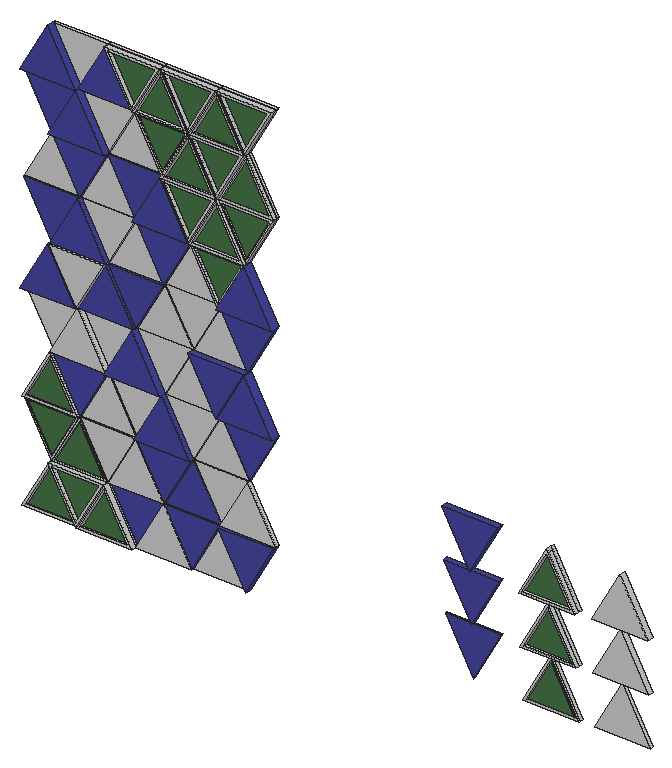
Revit family "SUR-STK-050_GEOLEAF_RFA", category Modelos genéricos, Revit 2022
Family settings
  Puede alojar armadura = No
  Cota de conector redondo = Diámetro de uso
  Tipo de pieza = Normal
  Se basa en plano de trabajo = No
  Siempre vertical = Sí
  Corte con vacíos al cargar = No
  Mantener orientación de anotación = No
  Compartido = No
  Punto de cálculo de habitación = No
Parameters
  Elevación por defecto = 0.00"
Reference planes (in)
  plane 1 "Centro (Frontal/Posterior)": y = 0
  plane 2: z = 0
  plane 3 "Centro (Izquierda/Derecha)": x = 0
Forms (in)
  Extrusion 1, solid, not visible
    sketch origin (0, 0, 0) x (1, 0, 0) y (0, 0, 1)
      loop
        line (11.31371, 8.48528) -> (16.97056, 2.82843) -> (22.62742, 8.48528) -> (16.97056, 14.14214) -> (11.31371, 8.48528)
      loop
        line (8.48528, 8.48528) -> (16.97056, 0) -> (25.45584, 8.48528) -> (16.97056, 16.97056) -> (8.48528, 8.48528)
    from 0.47244 to 0.94488
  Extrusion 2, solid, not visible
    sketch origin (0, -0.5315, 0) x (1, 0, 0) y (0, 0, 1)
      loop
        line (11.31371, 8.48528) -> (16.97056, 2.82843) -> (22.62742, 8.48528) -> (16.97056, 14.14214) -> (11.31371, 8.48528)
      loop
        line (8.48528, 8.48528) -> (16.97056, 0) -> (25.45584, 8.48528) -> (16.97056, 16.97056) -> (8.48528, 8.48528)
    from 0.41339 to 0.5315
  Extrusion 3, solid, not visible
    sketch origin (0, 0.47244, 0) x (1, 0, 0) y (0, 0, 1)
      loop
        line (8.48528, 8.48528) -> (16.97056, 0) -> (25.45584, 8.48528) -> (16.97056, 16.97056) -> (8.48528, 8.48528)
    from 0.47244 to 0.94488
  Extrusion 4, solid
    sketch origin (-10.96433, -0.5315, -6.4814) x (1, 0, 0) y (0, 0, 1)
      loop
        line (22.15099, 6.95344) -> (16.96433, 16.03009) -> (11.77767, 6.95344) -> (22.15099, 6.95344)
      loop
        line (10.96431, 6.4814) -> (22.96437, 6.4814) -> (16.96434, 16.98145) -> (10.96431, 6.4814)
    from 0.17717 to 0.8845
  Extrusion 5, solid
    sketch origin (-2.47905, 0, -14.96668) x (1, 0, 0) y (0, 0, 1)
      loop
        line (13.66571, 15.43872) -> (8.47905, 24.51537) -> (3.29239, 15.43872) -> (13.66571, 15.43872)
    from 0.70866 to 0.944
  Extrusion 6, solid
    sketch origin (-10.96433, -0.5315, -6.4814) x (1, 0, 0) y (0, 0, 1)
      loop
        line (10.96431, 6.4814) -> (22.96437, 6.4814) -> (16.96434, 16.98145) -> (10.96431, 6.4814)
    from -0.5315 to 0.17717
  Extrusion 7, solid, not visible
    sketch origin (-10.96433, -0.5315, -6.4814) x (1, 0, 0) y (0, 0, 1)
      loop
        line (22.15099, 6.95344) -> (16.96433, 16.03009) -> (11.77767, 6.95344) -> (22.15099, 6.95344)
      loop
        line (10.96431, 6.4814) -> (22.96437, 6.4814) -> (16.96434, 16.98145) -> (10.96431, 6.4814)
    from 0.17717 to 0.8845
  Extrusion 8, solid, not visible
    sketch origin (-2.47905, 0, -14.96668) x (1, 0, 0) y (0, 0, 1)
      loop
        line (13.66571, 15.43872) -> (8.47905, 24.51537) -> (3.29239, 15.43872) -> (13.66571, 15.43872)
    from 0.70866 to 0.944
  Extrusion 9, solid, not visible
    sketch origin (-10.96433, -0.5315, -6.4814) x (1, 0, 0) y (0, 0, 1)
      loop
        line (10.96431, 6.4814) -> (22.96437, 6.4814) -> (16.96434, 16.98145) -> (10.96431, 6.4814)
    from -0.5315 to 0.17717
  Extrusion 10, solid
    sketch origin (1.03572, -0.5315, -6.4814) x (1, 0, 0) y (0, 0, 1)
      loop
        line (22.15099, 6.95344) -> (16.96433, 16.03009) -> (11.77767, 6.95344) -> (22.15099, 6.95344)
      loop
        line (10.96431, 6.4814) -> (22.96437, 6.4814) -> (16.96434, 16.98145) -> (10.96431, 6.4814)
    from 0.17717 to 1.3565
  Extrusion 11, solid
    sketch origin (9.521, 0, -14.96668) x (1, 0, 0) y (0, 0, 1)
      loop
        line (13.66571, 15.43872) -> (8.47905, 24.51537) -> (3.29239, 15.43872) -> (13.66571, 15.43872)
    from 0.70866 to 1.18
  Extrusion 12, solid
    sketch origin (1.03572, -0.5315, -6.4814) x (1, 0, 0) y (0, 0, 1)
      loop
        line (10.96431, 6.4814) -> (22.96437, 6.4814) -> (16.96434, 16.98145) -> (10.96431, 6.4814)
    from -0.5315 to 0.17717
  Extrusion 13, solid
    sketch origin (-4.96431, -0.5315, 4.01865) x (1, 0, 0) y (0, 0, 1)
      loop
        line (22.15099, 6.95344) -> (16.96433, 16.03009) -> (11.77767, 6.95344) -> (22.15099, 6.95344)
      loop
        line (10.96431, 6.4814) -> (22.96437, 6.4814) -> (16.96434, 16.98145) -> (10.96431, 6.4814)
    from 0.17717 to 0.4125
  Extrusion 14, solid
    sketch origin (3.52098, 0, -4.46663) x (1, 0, 0) y (0, 0, 1)
      loop
        line (13.66571, 15.43872) -> (8.47905, 24.51537) -> (3.29239, 15.43872) -> (13.66571, 15.43872)
    from 0.70866 to 0.944
  Extrusion 15, solid
    sketch origin (-4.96431, -0.5315, 4.01865) x (1, 0, 0) y (0, 0, 1)
      loop
        line (10.96431, 6.4814) -> (22.96437, 6.4814) -> (16.96434, 16.98145) -> (10.96431, 6.4814)
    from -0.5315 to 0.17717
  Extrusion 16, solid
    sketch origin (22.96437, -0.5315, 27.4814) x (-1, 0, 0) y (0, 0, -1)
      loop
        line (22.15099, 6.95344) -> (16.96433, 16.03009) -> (11.77767, 6.95344) -> (22.15099, 6.95344)
      loop
        line (10.96431, 6.4814) -> (22.96437, 6.4814) -> (16.96434, 16.98145) -> (10.96431, 6.4814)
    from 0.17717 to 0.4125
  Extrusion 17, solid
    sketch origin (14.47909, 0, 35.96669) x (-1, 0, 0) y (0, 0, -1)
      loop
        line (13.66571, 15.43872) -> (8.47905, 24.51537) -> (3.29239, 15.43872) -> (13.66571, 15.43872)
    from 0.70866 to 0.944
  Extrusion 18, solid
    sketch origin (22.96437, -0.5315, 27.4814) x (-1, 0, 0) y (0, 0, -1)
      loop
        line (10.96431, 6.4814) -> (22.96437, 6.4814) -> (16.96434, 16.98145) -> (10.96431, 6.4814)
    from -0.5315 to 0.17717
  Extrusion 19, solid
    sketch origin (40.96443, -0.5315, 16.98145) x (-1, 0, 0) y (0, 0, -1)
      loop
        line (10.96431, 6.4814) -> (22.96437, 6.4814) -> (16.96434, 16.98145) -> (10.96431, 6.4814)
    from -0.5315 to -0.1845
  Extrusion 20, solid, not visible
    sketch origin (40.96438, -0.5315, 16.98145) x (-1, 0, 0) y (0, 0, -1)
      loop
        line (10.96431, 6.4814) -> (22.96437, 6.4814) -> (16.96434, 16.98145) -> (10.96431, 6.4814)
    from -0.5315 to -0.1845
  Extrusion 21, solid
    sketch origin (13.03581, -0.5315, -6.48138) x (1, 0, 0.000001) y (-0.000001, 0, 1)
      loop
        line (10.96431, 6.4814) -> (22.96437, 6.4814) -> (16.96434, 16.98145) -> (10.96431, 6.4814)
    from -0.5315 to 0.4125
  Extrusion 22, solid, not visible
    sketch origin (1.03572, -0.5315, -6.4814) x (1, 0, 0) y (0, 0, 1)
      loop
        line (22.15099, 6.95344) -> (16.96433, 16.03009) -> (11.77767, 6.95344) -> (22.15099, 6.95344)
      loop
        line (10.96431, 6.4814) -> (22.96437, 6.4814) -> (16.96434, 16.98145) -> (10.96431, 6.4814)
    from 0.17717 to 1.3565
  Extrusion 23, solid, not visible
    sketch origin (9.521, 0, -14.96668) x (1, 0, 0) y (0, 0, 1)
      loop
        line (13.66571, 15.43872) -> (8.47905, 24.51537) -> (3.29239, 15.43872) -> (13.66571, 15.43872)
    from 0.70866 to 1.18
  Extrusion 24, solid, not visible
    sketch origin (1.03572, -0.5315, -6.4814) x (1, 0, 0) y (0, 0, 1)
      loop
        line (10.96431, 6.4814) -> (22.96437, 6.4814) -> (16.96434, 16.98145) -> (10.96431, 6.4814)
    from -0.5315 to 0.17717
  Extrusion 25, solid
    sketch origin (28.96438, -0.5315, 16.98145) x (-1, 0, 0) y (0, 0, -1)
      loop
        line (22.15099, 6.95344) -> (16.96433, 16.03009) -> (11.77767, 6.95344) -> (22.15099, 6.95344)
      loop
        line (10.96431, 6.4814) -> (22.96437, 6.4814) -> (16.96434, 16.98145) -> (10.96431, 6.4814)
    from 0.17717 to 1.3565
  Extrusion 26, solid
    sketch origin (20.4791, 0, 25.46673) x (-1, 0, 0) y (0, 0, -1)
      loop
        line (13.66571, 15.43872) -> (8.47905, 24.51537) -> (3.29239, 15.43872) -> (13.66571, 15.43872)
    from 0.70866 to 1.18
  Extrusion 27, solid
    sketch origin (28.96438, -0.5315, 16.98145) x (-1, 0, 0) y (0, 0, -1)
      loop
        line (10.96431, 6.4814) -> (22.96437, 6.4814) -> (16.96434, 16.98145) -> (10.96431, 6.4814)
    from -0.5315 to 0.17717
  Extrusion 28, solid
    sketch origin (-10.96431, -0.5315, 14.5186) x (1, 0, 0) y (0, 0, 1)
      loop
        line (22.15099, 6.95344) -> (16.96433, 16.03009) -> (11.77767, 6.95344) -> (22.15099, 6.95344)
      loop
        line (10.96431, 6.4814) -> (22.96437, 6.4814) -> (16.96434, 16.98145) -> (10.96431, 6.4814)
    from 0.17717 to 0.8845
  Extrusion 29, solid
    sketch origin (-2.47903, 0, 6.03332) x (1, 0, 0) y (0, 0, 1)
      loop
        line (13.66571, 15.43872) -> (8.47905, 24.51537) -> (3.29239, 15.43872) -> (13.66571, 15.43872)
    from 0.70866 to 0.944
  Extrusion 30, solid
    sketch origin (-10.96431, -0.5315, 14.5186) x (1, 0, 0) y (0, 0, 1)
      loop
        line (10.96431, 6.4814) -> (22.96437, 6.4814) -> (16.96434, 16.98145) -> (10.96431, 6.4814)
    from -0.5315 to 0.17717
  Extrusion 31, solid, not visible
    sketch origin (13.03573, -0.5315, -6.48141) x (1, 0, 0.000001) y (-0.000001, 0, 1)
      loop
        line (10.96431, 6.4814) -> (22.96437, 6.4814) -> (16.96434, 16.98145) -> (10.96431, 6.4814)
    from -0.5315 to 0.4125
  Extrusion 32, solid
    sketch origin (7.03569, -0.5315, 4.01863) x (1, 0, 0.000001) y (-0.000001, 0, 1)
      loop
        line (10.96431, 6.4814) -> (22.96437, 6.4814) -> (16.96434, 16.98145) -> (10.96431, 6.4814)
    from -0.5315 to 0.4125
  Extrusion 33, solid
    sketch origin (18.23398, -0.5315, -2.15424) x (0.496137, 0, 0.868244) y (-0.868244, 0, 0.496137)
      loop
        line (10.87099, 6.4814) -> (22.96437, 6.4814) -> (17.01072, 16.90028) -> (10.87099, 6.4814)
    from -0.5315 to 0.4125
  Extrusion 34, solid
    sketch origin (18.23386, -0.5315, 44.15442) x (0.496141, 0, -0.868242) y (0.868242, 0, 0.496141)
      loop
        line (10.87099, -6.4814) -> (17.01072, -16.90028) -> (22.96437, -6.4814) -> (10.87099, -6.4814)
    from -0.5315 to -0.0595
  Extrusion 35, solid
    sketch origin (28.96559, -0.5315, 37.97933) x (-1, 0, 0) y (0, 0, -1)
      loop
        line (10.96431, 6.4814) -> (22.96437, 6.4814) -> (16.96434, 16.98145) -> (10.96431, 6.4814)
    from -0.5315 to 0.4125
  Extrusion 36, solid, not visible
    sketch origin (28.96559, -0.5315, 37.97933) x (-1, 0, 0) y (0, 0, -1)
      loop
        line (10.96431, 6.4814) -> (22.96437, 6.4814) -> (16.96434, 16.98145) -> (10.96431, 6.4814)
    from -0.5315 to 0.4125
  Extrusion 37, solid
    sketch origin (12.23384, -0.5315, 54.6544) x (0.496141, 0, -0.868242) y (0.868242, 0, 0.496141)
      loop
        line (10.87099, -6.4814) -> (17.01072, -16.90028) -> (22.96437, -6.4814) -> (10.87099, -6.4814)
    from -0.5315 to 0.8845
  Extrusion 38, solid
    sketch origin (6.234, -0.5315, 18.84567) x (0.496137, 0, 0.868244) y (-0.868244, 0, 0.496137)
      loop
        line (10.87099, 6.4814) -> (22.96437, 6.4814) -> (17.01072, 16.90028) -> (10.87099, 6.4814)
    from -0.5315 to -0.2955
  Extrusion 39, solid
    sketch origin (-10.18724, -0.5315, 36.87827) x (1, 0, 0) y (0, 0, 1)
      loop
        line (10.18733, 5.12168) -> (22.1872, 5.12168) -> (16.18726, 15.62156) -> (10.18733, 5.12168)
    from -0.5315 to 1.3565
  Extrusion 40, solid
    sketch origin (12.23395, -0.5315, 29.34552) x (0.496137, 0, 0.868244) y (-0.868244, 0, 0.496137)
      loop
        line (10.87099, 6.4814) -> (22.96437, 6.4814) -> (17.01072, 16.90028) -> (10.87099, 6.4814)
    from -0.5315 to 1.3565
  Extrusion 41, solid
    sketch origin (18.23394, -0.5315, 18.84573) x (0.496137, 0, 0.868244) y (-0.868244, 0, 0.496137)
      loop
        line (10.87099, 6.4814) -> (22.96437, 6.4814) -> (17.01072, 16.90028) -> (10.87099, 6.4814)
    from -0.5315 to -0.2955
  Extrusion 42, solid
    sketch origin (1.81276, -0.5315, 36.87827) x (1, 0, 0) y (0, 0, 1)
      loop
        line (10.18733, 5.12168) -> (22.1872, 5.12168) -> (16.18726, 15.62156) -> (10.18733, 5.12168)
    from -0.5315 to 0.8845
  Extrusion 43, solid
    sketch origin (-4.18727, -0.5315, 47.37817) x (1, 0, 0) y (0, 0, 1)
      loop
        line (10.18733, 5.12168) -> (22.1872, 5.12168) -> (16.18726, 15.62156) -> (10.18733, 5.12168)
    from -0.5315 to 0.8845
  Extrusion 44, solid
    sketch origin (40.96429, -0.5315, 58.9814) x (-1, 0, 0) y (0, 0, -1)
      loop
        line (10.96437, 6.4815) -> (22.96431, 6.4815) -> (16.96434, 16.98145) -> (10.96437, 6.4815)
    from -0.5315 to 0.4125
  Extrusion 45, solid
    sketch origin (7.8127, -0.5315, 26.37852) x (1, 0, 0) y (0, 0, 1)
      loop
        line (10.18733, 5.12168) -> (22.1872, 5.12168) -> (16.18726, 15.62156) -> (10.18733, 5.12168)
    from -0.5315 to 1.3565
  Extrusion 46, solid
    sketch origin (30.2335, -0.5315, 8.34573) x (0.496157, 0, 0.868233) y (-0.868233, 0, 0.496157)
      loop
        line (7.89406, 11.69097) -> (19.98747, 11.69097) -> (14.03381, 22.10988) -> (7.89406, 11.69097)
    from -0.5315 to -0.0595
  Extrusion 47, solid
    sketch origin (52.96452, -0.5315, 16.98145) x (-1, 0, 0) y (0, 0, -1)
      loop
        line (10.9643, 6.48137) -> (22.96439, 6.48137) -> (16.96434, 16.98145) -> (10.9643, 6.48137)
    from -0.5315 to 0.4125
  Extrusion 48, solid
    sketch origin (19.81289, -0.5315, 5.37817) x (1, 0, 0) y (0, 0, 1)
      loop
        line (10.18708, 5.12168) -> (22.1872, 5.12168) -> (16.18714, 15.62179) -> (10.18708, 5.12168)
    from -0.5315 to -0.0595
  Extrusion 49, solid
    sketch origin (46.96447, -0.5315, 27.48154) x (-1, 0, 0) y (0, 0, -1)
      loop
        line (10.96431, 6.4814) -> (22.96475, 6.4814) -> (16.96453, 16.98178) -> (10.96431, 6.4814)
    from -0.5315 to 0.4125
  Extrusion 50, solid
    sketch origin (13.81283, -0.5315, 15.87884) x (1, 0, 0) y (0, 0, 1)
      loop
        line (10.18708, 5.12168) -> (22.18688, 5.12168) -> (16.18698, 15.62151) -> (10.18708, 5.12168)
    from -0.5315 to 0.8845
  Extrusion 51, solid
    sketch origin (30.23394, -0.5315, 18.84573) x (0.496137, 0, 0.868244) y (-0.868244, 0, 0.496137)
      loop
        line (10.87099, 6.4814) -> (22.96437, 6.4814) -> (17.01072, 16.90028) -> (10.87099, 6.4814)
    from -0.5315 to -0.0595
  Extrusion 52, solid
    sketch origin (36.23392, -0.5315, 8.34575) x (0.496137, 0, 0.868244) y (-0.868244, 0, 0.496137)
      loop
        line (10.87091, 6.48127) -> (22.9645, 6.48127) -> (17.01075, 16.90033) -> (10.87091, 6.48127)
    from -0.5315 to -0.0595
  Extrusion 53, solid
    sketch origin (42.24749, -0.5315, -2.178) x (0.496137, 0, 0.868244) y (-0.868244, 0, 0.496137)
      loop
        line (10.88475, 6.50475) -> (22.9789, 6.50475) -> (17.02488, 16.9243) -> (10.88475, 6.50475)
    from -0.5315 to -0.0595
  Extrusion 54, solid
    sketch origin (30.23257, -0.5315, 65.15642) x (0.496141, 0, -0.868242) y (0.868242, 0, 0.496141)
      loop
        line (10.87099, -6.4814) -> (17.01072, -16.90028) -> (22.96437, -6.4814) -> (10.87099, -6.4814)
    from -0.5315 to -0.0595
  Extrusion 55, solid
    sketch origin (36.18623, -0.5315, 54.73751) x (0.496141, 0, -0.868242) y (0.868242, 0, 0.496141)
      loop
        line (10.9665, -6.4814) -> (17.1063, -16.9004) -> (23.06001, -6.4814) -> (10.9665, -6.4814)
    from -0.5315 to -0.0595
  Extrusion 56, solid
    sketch origin (42.26394, -0.5315, 44.10153) x (0.496141, 0, -0.868242) y (0.868242, 0, 0.496141)
      loop
        line (10.81032, -6.4814) -> (16.94966, -16.89962) -> (22.90293, -6.4814) -> (10.81032, -6.4814)
    from -0.5315 to -0.2955
  Extrusion 57, solid
    sketch origin (24.23254, -0.5315, 75.6564) x (0.496141, 0, -0.868242) y (0.868242, 0, 0.496141)
      loop
        line (10.87099, -6.4814) -> (17.01072, -16.90028) -> (22.96437, -6.4814) -> (10.87099, -6.4814)
    from -0.5315 to -0.0595
  Extrusion 58, solid
    sketch origin (18.23033, -0.5315, 39.85253) x (0.496137, 0, 0.868244) y (-0.868244, 0, 0.496137)
      loop
        line (10.86791, 6.47698) -> (22.96135, 6.47698) -> (17.00768, 16.89591) -> (10.86791, 6.47698)
    from -0.5315 to -0.0595
  Extrusion 59, solid
    sketch origin (22.96437, -0.5315, 69.48124) x (-1, 0, 0) y (0, 0, -1)
      loop
        line (10.96306, 6.47921) -> (22.96562, 6.47921) -> (16.96434, 16.98145) -> (10.96306, 6.47921)
    from -0.5315 to 0.4125
  Extrusion 60, solid
    sketch origin (46.96298, -0.5315, 69.48357) x (-1, 0, 0) y (0, 0, -1)
      loop
        line (10.96182, 6.4815) -> (22.96431, 6.4815) -> (16.96306, 16.98368) -> (10.96182, 6.4815)
    from -0.5315 to 0.4125
  Extrusion 61, solid
    sketch origin (13.81386, -0.5315, 57.88051) x (1, 0, 0) y (0, 0, 1)
      loop
        line (10.18726, 5.12155) -> (22.18727, 5.12155) -> (16.18726, 15.62156) -> (10.18726, 5.12155)
    from -0.5315 to 1.3565
  Extrusion 62, solid
    sketch origin (18.23497, -0.5315, 86.15638) x (0.496141, 0, -0.868242) y (0.868242, 0, 0.496141)
      loop
        line (10.87099, -6.4814) -> (17.01072, -16.90028) -> (22.96437, -6.4814) -> (10.87099, -6.4814)
    from -0.5315 to -0.0595
  Extrusion 63, solid
    sketch origin (40.96295, -0.5315, 79.98355) x (-1, 0, 0) y (0, 0, -1)
      loop
        line (10.96182, 6.4815) -> (22.96431, 6.4815) -> (16.96306, 16.98368) -> (10.96182, 6.4815)
    from -0.5315 to 0.4125
  Extrusion 64, solid
    sketch origin (6.23504, -0.5315, 86.15638) x (0.496141, 0, -0.868242) y (0.868242, 0, 0.496141)
      loop
        line (10.87099, -6.4814) -> (17.01072, -16.90028) -> (22.96437, -6.4814) -> (10.87099, -6.4814)
    from -0.5315 to -0.0595
  Extrusion 65, solid
    sketch origin (28.96301, -0.5315, 79.98355) x (-1, 0, 0) y (0, 0, -1)
      loop
        line (10.96182, 6.4815) -> (22.96431, 6.4815) -> (16.96306, 16.98368) -> (10.96182, 6.4815)
    from -0.5315 to 0.4125
  Extrusion 66, solid
    sketch origin (-4.1861, -0.5315, 68.38049) x (1, 0, 0) y (0, 0, 1)
      loop
        line (10.18726, 5.12155) -> (22.18727, 5.12155) -> (16.18726, 15.62156) -> (10.18726, 5.12155)
    from -0.5315 to 1.3565
  Extrusion 67, solid
    sketch origin (24.235, -0.5315, 96.65639) x (0.496141, 0, -0.868242) y (0.868242, 0, 0.496141)
      loop
        line (10.87099, -6.4814) -> (17.01072, -16.90028) -> (22.96437, -6.4814) -> (10.87099, -6.4814)
    from -0.5315 to -0.0595
  Extrusion 68, solid
    sketch origin (18.23033, -0.5315, 60.85683) x (0.496137, 0, 0.868244) y (-0.868244, 0, 0.496137)
      loop
        line (10.86791, 6.47698) -> (22.96135, 6.47698) -> (17.00768, 16.89591) -> (10.86791, 6.47698)
    from -0.5315 to -0.0595
  Extrusion 69, solid
    sketch origin (22.96177, -0.5315, 90.48573) x (-1, 0, 0) y (0, 0, -1)
      loop
        line (10.96182, 6.4815) -> (22.96431, 6.4815) -> (16.96306, 16.98368) -> (10.96182, 6.4815)
    from -0.5315 to 0.4125
  Extrusion 70, solid
    sketch origin (-10.18794, -0.5315, 78.88371) x (1, 0, 0) y (0, 0, 1)
      loop
        line (10.18726, 5.12155) -> (22.18727, 5.12155) -> (16.18726, 15.62156) -> (10.18726, 5.12155)
    from -0.5315 to 1.3565
  Extrusion 71, solid
    sketch origin (12.22849, -0.5315, 71.36005) x (0.496137, 0, 0.868244) y (-0.868244, 0, 0.496137)
      loop
        line (10.86791, 6.47698) -> (22.96135, 6.47698) -> (17.00768, 16.89591) -> (10.86791, 6.47698)
    from -0.5315 to -0.0595
  Extrusion 72, solid
    sketch origin (1.81206, -0.5315, 78.88371) x (1, 0, 0) y (0, 0, 1)
      loop
        line (10.18726, 5.12155) -> (22.18727, 5.12155) -> (16.18726, 15.62156) -> (10.18726, 5.12155)
    from -0.5315 to 0.8845
  Extrusion 73, solid
    sketch origin (13.03256, -0.5315, 77.52823) x (1, 0, 0) y (0, 0, 1)
      loop
        line (22.15099, 6.95344) -> (16.96433, 16.03009) -> (11.77767, 6.95344) -> (22.15099, 6.95344)
      loop
        line (10.96431, 6.4814) -> (22.96437, 6.4814) -> (16.96434, 16.98145) -> (10.96431, 6.4814)
    from 0.17717 to 1.3565
  Extrusion 74, solid
    sketch origin (21.51784, 0, 69.04295) x (1, 0, 0) y (0, 0, 1)
      loop
        line (13.66571, 15.43872) -> (8.47905, 24.51537) -> (3.29239, 15.43872) -> (13.66571, 15.43872)
    from 0.70866 to 1.18
  Extrusion 75, solid
    sketch origin (13.03256, -0.5315, 77.52823) x (1, 0, 0) y (0, 0, 1)
      loop
        line (10.96431, 6.4814) -> (22.96437, 6.4814) -> (16.96434, 16.98145) -> (10.96431, 6.4814)
    from -0.5315 to 0.17717
  Extrusion 76, solid
    sketch origin (40.96121, -0.5315, 100.99108) x (-1, 0, 0) y (0, 0, -1)
      loop
        line (22.15099, 6.95344) -> (16.96433, 16.03009) -> (11.77767, 6.95344) -> (22.15099, 6.95344)
      loop
        line (10.96431, 6.4814) -> (22.96437, 6.4814) -> (16.96434, 16.98145) -> (10.96431, 6.4814)
    from 0.17717 to 1.3565
  Extrusion 77, solid
    sketch origin (32.47593, 0, 109.47636) x (-1, 0, 0) y (0, 0, -1)
      loop
        line (13.66571, 15.43872) -> (8.47905, 24.51537) -> (3.29239, 15.43872) -> (13.66571, 15.43872)
    from 0.70866 to 1.18
  Extrusion 78, solid
    sketch origin (40.96121, -0.5315, 100.99108) x (-1, 0, 0) y (0, 0, -1)
      loop
        line (10.96431, 6.4814) -> (22.96437, 6.4814) -> (16.96434, 16.98145) -> (10.96431, 6.4814)
    from -0.5315 to 0.17717
  Extrusion 79, solid
    sketch origin (25.03256, -0.5315, 77.52823) x (1, 0, 0) y (0, 0, 1)
      loop
        line (22.15099, 6.95344) -> (16.96433, 16.03009) -> (11.77767, 6.95344) -> (22.15099, 6.95344)
      loop
        line (10.96431, 6.4814) -> (22.96437, 6.4814) -> (16.96434, 16.98145) -> (10.96431, 6.4814)
    from 0.17717 to 1.3565
  Extrusion 80, solid
    sketch origin (33.51784, 0, 69.04295) x (1, 0, 0) y (0, 0, 1)
      loop
        line (13.66571, 15.43872) -> (8.47905, 24.51537) -> (3.29239, 15.43872) -> (13.66571, 15.43872)
    from 0.70866 to 1.18
  Extrusion 81, solid
    sketch origin (25.03256, -0.5315, 77.52823) x (1, 0, 0) y (0, 0, 1)
      loop
        line (10.96431, 6.4814) -> (22.96437, 6.4814) -> (16.96434, 16.98145) -> (10.96431, 6.4814)
    from -0.5315 to 0.17717
  Extrusion 82, solid
    sketch origin (52.96121, -0.5315, 100.99108) x (-1, 0, 0) y (0, 0, -1)
      loop
        line (22.15099, 6.95344) -> (16.96433, 16.03009) -> (11.77767, 6.95344) -> (22.15099, 6.95344)
      loop
        line (10.96431, 6.4814) -> (22.96437, 6.4814) -> (16.96434, 16.98145) -> (10.96431, 6.4814)
    from 0.17717 to 1.3565
  Extrusion 83, solid
    sketch origin (44.47593, 0, 109.47636) x (-1, 0, 0) y (0, 0, -1)
      loop
        line (13.66571, 15.43872) -> (8.47905, 24.51537) -> (3.29239, 15.43872) -> (13.66571, 15.43872)
    from 0.70866 to 1.18
  Extrusion 84, solid
    sketch origin (52.96121, -0.5315, 100.99108) x (-1, 0, 0) y (0, 0, -1)
      loop
        line (10.96431, 6.4814) -> (22.96437, 6.4814) -> (16.96434, 16.98145) -> (10.96431, 6.4814)
    from -0.5315 to 0.17717
  Extrusion 85, solid
    sketch origin (19.03252, -0.5315, 67.02817) x (1, 0, 0) y (0, 0, 1)
      loop
        line (22.15099, 6.95344) -> (16.96433, 16.03009) -> (11.77767, 6.95344) -> (22.15099, 6.95344)
      loop
        line (10.96431, 6.4814) -> (22.96437, 6.4814) -> (16.96434, 16.98145) -> (10.96431, 6.4814)
    from 0.17717 to 1.3565
  Extrusion 86, solid
    sketch origin (27.5178, 0, 58.54288) x (1, 0, 0) y (0, 0, 1)
      loop
        line (13.66571, 15.43872) -> (8.47905, 24.51537) -> (3.29239, 15.43872) -> (13.66571, 15.43872)
    from 0.70866 to 1.18
  Extrusion 87, solid
    sketch origin (19.03252, -0.5315, 67.02817) x (1, 0, 0) y (0, 0, 1)
      loop
        line (10.96431, 6.4814) -> (22.96437, 6.4814) -> (16.96434, 16.98145) -> (10.96431, 6.4814)
    from -0.5315 to 0.17717
  Extrusion 88, solid
    sketch origin (46.96118, -0.5315, 90.49102) x (-1, 0, 0) y (0, 0, -1)
      loop
        line (22.15099, 6.95344) -> (16.96433, 16.03009) -> (11.77767, 6.95344) -> (22.15099, 6.95344)
      loop
        line (10.96431, 6.4814) -> (22.96437, 6.4814) -> (16.96434, 16.98145) -> (10.96431, 6.4814)
    from 0.17717 to 0.8845
  Extrusion 89, solid
    sketch origin (38.47589, 0, 98.9763) x (-1, 0, 0) y (0, 0, -1)
      loop
        line (13.66571, 15.43872) -> (8.47905, 24.51537) -> (3.29239, 15.43872) -> (13.66571, 15.43872)
    from 0.70866 to 1.18
  Extrusion 90, solid
    sketch origin (46.96118, -0.5315, 90.49102) x (-1, 0, 0) y (0, 0, -1)
      loop
        line (10.96431, 6.4814) -> (22.96437, 6.4814) -> (16.96434, 16.98145) -> (10.96431, 6.4814)
    from -0.5315 to 0.17717
  Extrusion 91, solid
    sketch origin (31.03252, -0.5315, 67.02817) x (1, 0, 0) y (0, 0, 1)
      loop
        line (22.15099, 6.95344) -> (16.96433, 16.03009) -> (11.77767, 6.95344) -> (22.15099, 6.95344)
      loop
        line (10.96431, 6.4814) -> (22.96437, 6.4814) -> (16.96434, 16.98145) -> (10.96431, 6.4814)
    from 0.17717 to 0.8845
  Extrusion 92, solid
    sketch origin (39.5178, 0, 58.54288) x (1, 0, 0) y (0, 0, 1)
      loop
        line (13.66571, 15.43872) -> (8.47905, 24.51537) -> (3.29239, 15.43872) -> (13.66571, 15.43872)
    from 0.70866 to 1.18
  Extrusion 93, solid
    sketch origin (31.03252, -0.5315, 67.02817) x (1, 0, 0) y (0, 0, 1)
      loop
        line (10.96431, 6.4814) -> (22.96437, 6.4814) -> (16.96434, 16.98145) -> (10.96431, 6.4814)
    from -0.5315 to 0.17717
  Extrusion 94, solid
    sketch origin (58.96118, -0.5315, 90.49102) x (-1, 0, 0) y (0, 0, -1)
      loop
        line (22.15099, 6.95344) -> (16.96433, 16.03009) -> (11.77767, 6.95344) -> (22.15099, 6.95344)
      loop
        line (10.96431, 6.4814) -> (22.96437, 6.4814) -> (16.96434, 16.98145) -> (10.96431, 6.4814)
    from 0.17717 to 1.3565
  Extrusion 95, solid
    sketch origin (50.47589, 0, 98.9763) x (-1, 0, 0) y (0, 0, -1)
      loop
        line (13.66571, 15.43872) -> (8.47905, 24.51537) -> (3.29239, 15.43872) -> (13.66571, 15.43872)
    from 0.70866 to 1.18
  Extrusion 96, solid
    sketch origin (58.96118, -0.5315, 90.49102) x (-1, 0, 0) y (0, 0, -1)
      loop
        line (10.96431, 6.4814) -> (22.96437, 6.4814) -> (16.96434, 16.98145) -> (10.96431, 6.4814)
    from -0.5315 to 0.17717
  Extrusion 97, solid
    sketch origin (25.03255, -0.5315, 56.52812) x (1, 0, 0) y (0, 0, 1)
      loop
        line (22.15099, 6.95344) -> (16.96433, 16.03009) -> (11.77767, 6.95344) -> (22.15099, 6.95344)
      loop
        line (10.96431, 6.4814) -> (22.96437, 6.4814) -> (16.96434, 16.98145) -> (10.96431, 6.4814)
    from 0.17717 to 1.3565
  Extrusion 98, solid
    sketch origin (33.51783, 0, 48.04283) x (1, 0, 0) y (0, 0, 1)
      loop
        line (13.66571, 15.43872) -> (8.47905, 24.51537) -> (3.29239, 15.43872) -> (13.66571, 15.43872)
    from 0.70866 to 1.18
  Extrusion 99, solid
    sketch origin (25.03255, -0.5315, 56.52812) x (1, 0, 0) y (0, 0, 1)
      loop
        line (10.96431, 6.4814) -> (22.96437, 6.4814) -> (16.96434, 16.98145) -> (10.96431, 6.4814)
    from -0.5315 to 0.17717
  Extrusion 100, solid
    sketch origin (52.9612, -0.5315, 79.99097) x (-1, 0, 0) y (0, 0, -1)
      loop
        line (22.15099, 6.95344) -> (16.96433, 16.03009) -> (11.77767, 6.95344) -> (22.15099, 6.95344)
      loop
        line (10.96431, 6.4814) -> (22.96437, 6.4814) -> (16.96434, 16.98145) -> (10.96431, 6.4814)
    from 0.17717 to 1.3565
  Extrusion 101, solid
    sketch origin (44.47592, 0, 88.47625) x (-1, 0, 0) y (0, 0, -1)
      loop
        line (13.66571, 15.43872) -> (8.47905, 24.51537) -> (3.29239, 15.43872) -> (13.66571, 15.43872)
    from 0.70866 to 1.18
  Extrusion 102, solid
    sketch origin (52.9612, -0.5315, 79.99097) x (-1, 0, 0) y (0, 0, -1)
      loop
        line (10.96431, 6.4814) -> (22.96437, 6.4814) -> (16.96434, 16.98145) -> (10.96431, 6.4814)
    from -0.5315 to 0.17717
  Extrusion 103, solid
    sketch origin (64.9612, -0.5315, 79.99097) x (-1, 0, 0) y (0, 0, -1)
      loop
        line (22.15099, 6.95344) -> (16.96433, 16.03009) -> (11.77767, 6.95344) -> (22.15099, 6.95344)
      loop
        line (10.96431, 6.4814) -> (22.96437, 6.4814) -> (16.96434, 16.98145) -> (10.96431, 6.4814)
    from 0.17717 to 0.8845
  Extrusion 104, solid
    sketch origin (56.47592, 0, 88.47625) x (-1, 0, 0) y (0, 0, -1)
      loop
        line (13.66571, 15.43872) -> (8.47905, 24.51537) -> (3.29239, 15.43872) -> (13.66571, 15.43872)
    from 0.70866 to 1.18
  Extrusion 105, solid
    sketch origin (64.9612, -0.5315, 79.99097) x (-1, 0, 0) y (0, 0, -1)
      loop
        line (10.96431, 6.4814) -> (22.96437, 6.4814) -> (16.96434, 16.98145) -> (10.96431, 6.4814)
    from -0.5315 to 0.17717
  Extrusion 106, solid
    sketch origin (58.9655, -0.5315, 69.48346) x (-1, 0, 0) y (0, 0, -1)
      loop
        line (22.15099, 6.95344) -> (16.96433, 16.03009) -> (11.77767, 6.95344) -> (22.15099, 6.95344)
      loop
        line (10.96431, 6.4814) -> (22.96437, 6.4814) -> (16.96434, 16.98145) -> (10.96431, 6.4814)
    from 0.17717 to 0.88453
  Extrusion 107, solid
    sketch origin (50.48022, 0, 77.96875) x (-1, 0, 0) y (0, 0, -1)
      loop
        line (13.66571, 15.43872) -> (8.47905, 24.51537) -> (3.29239, 15.43872) -> (13.66571, 15.43872)
    from 0.70866 to 0.944
  Extrusion 108, solid
    sketch origin (58.9655, -0.5315, 69.48346) x (-1, 0, 0) y (0, 0, -1)
      loop
        line (10.96431, 6.4814) -> (22.96437, 6.4814) -> (16.96434, 16.98145) -> (10.96431, 6.4814)
    from -0.5315 to 0.17717
  Extrusion 109, solid
    sketch origin (64.96127, -0.5315, 100.99108) x (-1, 0, 0) y (0, 0, -1)
      loop
        line (22.15099, 6.95344) -> (16.96433, 16.03009) -> (11.77767, 6.95344) -> (22.15099, 6.95344)
      loop
        line (10.96431, 6.4814) -> (22.96437, 6.4814) -> (16.96434, 16.98145) -> (10.96431, 6.4814)
    from 0.17717 to 1.3565
  Extrusion 110, solid
    sketch origin (56.47599, 0, 109.47636) x (-1, 0, 0) y (0, 0, -1)
      loop
        line (13.66571, 15.43872) -> (8.47905, 24.51537) -> (3.29239, 15.43872) -> (13.66571, 15.43872)
    from 0.70866 to 1.18
  Extrusion 111, solid
    sketch origin (64.96127, -0.5315, 100.99108) x (-1, 0, 0) y (0, 0, -1)
      loop
        line (10.96431, 6.4814) -> (22.96437, 6.4814) -> (16.96434, 16.98145) -> (10.96431, 6.4814)
    from -0.5315 to 0.17717
  Extrusion 112, solid
    sketch origin (42.23251, -0.5315, 65.15642) x (0.496141, 0, -0.868242) y (0.868242, 0, 0.496141)
      loop
        line (10.87099, -6.4814) -> (17.01072, -16.90028) -> (22.96437, -6.4814) -> (10.87099, -6.4814)
    from -0.5315 to -0.0595
  Extrusion 113, solid
    sketch origin (36.15477, -0.5315, 75.79239) x (0.496141, 0, -0.868242) y (0.868242, 0, 0.496141)
      loop
        line (11.02886, -6.47922) -> (17.16986, -16.90025) -> (23.12474, -6.47922) -> (11.02886, -6.47922)
    from -0.5315 to -0.0595
  Extrusion 114, solid
    sketch origin (36.23322, -0.5315, 29.34461) x (0.496137, 0, 0.868244) y (-0.868244, 0, 0.496137)
      loop
        line (10.87099, 6.4814) -> (22.96437, 6.4814) -> (17.01072, 16.90028) -> (10.87099, 6.4814)
    from -0.5315 to -0.0595
  Extrusion 115, solid
    sketch origin (64.9616, -0.5315, 58.98601) x (-1, 0, 0) y (0, 0, -1)
      loop
        line (10.96182, 6.4815) -> (22.96431, 6.4815) -> (16.96306, 16.98368) -> (10.96182, 6.4815)
    from -0.5315 to 0.4125
  Extrusion 116, solid
    sketch origin (31.81444, -0.5315, 47.3774) x (1, 0, 0) y (0, 0, 1)
      loop
        line (10.18726, 5.12155) -> (22.18727, 5.12155) -> (16.18726, 15.62156) -> (10.18726, 5.12155)
    from -0.5315 to 1.3565
  Extrusion 117, solid
    sketch origin (58.96047, -0.5315, 48.48361) x (-1, 0, 0) y (0, 0, -1)
      loop
        line (10.96182, 6.4815) -> (22.96431, 6.4815) -> (16.96306, 16.98368) -> (10.96182, 6.4815)
    from -0.5315 to 1.3565
  Extrusion 118, solid
    sketch origin (64.9616, -0.5315, 37.98601) x (-1, 0, 0) y (0, 0, -1)
      loop
        line (10.96182, 6.4815) -> (22.96431, 6.4815) -> (16.96306, 16.98368) -> (10.96182, 6.4815)
    from -0.5315 to -0.122
  Extrusion 119, solid
    sketch origin (31.81444, -0.5315, 26.3774) x (1, 0, 0) y (0, 0, 1)
      loop
        line (10.18726, 5.12155) -> (22.18727, 5.12155) -> (16.18726, 15.62156) -> (10.18726, 5.12155)
    from -0.5315 to 1.3565
  Extrusion 120, solid
    sketch origin (48.26432, -0.5315, 33.60086) x (0.496141, 0, -0.868242) y (0.868242, 0, 0.496141)
      loop
        line (10.81032, -6.4814) -> (16.94966, -16.89962) -> (22.90293, -6.4814) -> (10.81032, -6.4814)
    from -0.5315 to 0.4125
  Extrusion 121, solid
    sketch origin (64.96373, -0.5315, 16.98145) x (-1, 0, 0) y (0, 0, -1)
      loop
        line (10.9643, 6.48137) -> (22.96439, 6.48137) -> (16.96434, 16.98145) -> (10.9643, 6.48137)
    from -0.5315 to 0.8845
  Extrusion 122, solid
    sketch origin (42.26477, -0.5315, 23.10151) x (0.496141, 0, -0.868242) y (0.868242, 0, 0.496141)
      loop
        line (10.81032, -6.4814) -> (16.94966, -16.89962) -> (22.90293, -6.4814) -> (10.81032, -6.4814)
    from -0.5315 to -0.0595
  Extrusion 123, solid, not visible
    sketch origin (-10.96433, -0.5315, -6.4814) x (1, 0, 0) y (0, 0, 1)
      loop
        line (22.15099, 6.95344) -> (16.96433, 16.03009) -> (11.77767, 6.95344) -> (22.15099, 6.95344)
      loop
        line (10.96431, 6.4814) -> (22.96437, 6.4814) -> (16.96434, 16.98145) -> (10.96431, 6.4814)
    from 0.17717 to 0.8845
  Extrusion 124, solid, not visible
    sketch origin (-2.47905, 0, -14.96668) x (1, 0, 0) y (0, 0, 1)
      loop
        line (13.66571, 15.43872) -> (8.47905, 24.51537) -> (3.29239, 15.43872) -> (13.66571, 15.43872)
    from 0.70866 to 0.944
  Extrusion 125, solid, not visible
    sketch origin (-10.96433, -0.5315, -6.4814) x (1, 0, 0) y (0, 0, 1)
      loop
        line (10.96431, 6.4814) -> (22.96437, 6.4814) -> (16.96434, 16.98145) -> (10.96431, 6.4814)
    from -0.5315 to 0.17717
  Extrusion 126, solid, not visible
    sketch origin (1.03572, -0.5315, -6.4814) x (1, 0, 0) y (0, 0, 1)
      loop
        line (22.15099, 6.95344) -> (16.96433, 16.03009) -> (11.77767, 6.95344) -> (22.15099, 6.95344)
      loop
        line (10.96431, 6.4814) -> (22.96437, 6.4814) -> (16.96434, 16.98145) -> (10.96431, 6.4814)
    from 0.17717 to 1.3565
  Extrusion 127, solid, not visible
    sketch origin (9.521, 0, -14.96668) x (1, 0, 0) y (0, 0, 1)
      loop
        line (13.66571, 15.43872) -> (8.47905, 24.51537) -> (3.29239, 15.43872) -> (13.66571, 15.43872)
    from 0.70866 to 1.18
  Extrusion 128, solid, not visible
    sketch origin (1.03572, -0.5315, -6.4814) x (1, 0, 0) y (0, 0, 1)
      loop
        line (10.96431, 6.4814) -> (22.96437, 6.4814) -> (16.96434, 16.98145) -> (10.96431, 6.4814)
    from -0.5315 to 0.17717
  Extrusion 129, solid, not visible
    sketch origin (-4.96431, -0.5315, 4.01865) x (1, 0, 0) y (0, 0, 1)
      loop
        line (22.15099, 6.95344) -> (16.96433, 16.03009) -> (11.77767, 6.95344) -> (22.15099, 6.95344)
      loop
        line (10.96431, 6.4814) -> (22.96437, 6.4814) -> (16.96434, 16.98145) -> (10.96431, 6.4814)
    from 0.17717 to 0.4125
  Extrusion 130, solid, not visible
    sketch origin (3.52098, 0, -4.46663) x (1, 0, 0) y (0, 0, 1)
      loop
        line (13.66571, 15.43872) -> (8.47905, 24.51537) -> (3.29239, 15.43872) -> (13.66571, 15.43872)
    from 0.70866 to 0.944
  Extrusion 131, solid, not visible
    sketch origin (-4.96431, -0.5315, 4.01865) x (1, 0, 0) y (0, 0, 1)
      loop
        line (10.96431, 6.4814) -> (22.96437, 6.4814) -> (16.96434, 16.98145) -> (10.96431, 6.4814)
    from -0.5315 to 0.17717
  Extrusion 132, solid, not visible
    sketch origin (22.96437, -0.5315, 27.4814) x (-1, 0, 0) y (0, 0, -1)
      loop
        line (22.15099, 6.95344) -> (16.96433, 16.03009) -> (11.77767, 6.95344) -> (22.15099, 6.95344)
      loop
        line (10.96431, 6.4814) -> (22.96437, 6.4814) -> (16.96434, 16.98145) -> (10.96431, 6.4814)
    from 0.17717 to 0.4125
  Extrusion 133, solid, not visible
    sketch origin (14.47909, 0, 35.96669) x (-1, 0, 0) y (0, 0, -1)
      loop
        line (13.66571, 15.43872) -> (8.47905, 24.51537) -> (3.29239, 15.43872) -> (13.66571, 15.43872)
    from 0.70866 to 0.944
  Extrusion 134, solid, not visible
    sketch origin (22.96437, -0.5315, 27.4814) x (-1, 0, 0) y (0, 0, -1)
      loop
        line (10.96431, 6.4814) -> (22.96437, 6.4814) -> (16.96434, 16.98145) -> (10.96431, 6.4814)
    from -0.5315 to 0.17717
  Extrusion 135, solid, not visible
    sketch origin (40.96443, -0.5315, 16.98145) x (-1, 0, 0) y (0, 0, -1)
      loop
        line (10.96431, 6.4814) -> (22.96437, 6.4814) -> (16.96434, 16.98145) -> (10.96431, 6.4814)
    from -0.5315 to -0.1845
  Extrusion 136, solid, not visible
    sketch origin (13.03581, -0.5315, -6.48138) x (1, 0, 0.000001) y (-0.000001, 0, 1)
      loop
        line (10.96431, 6.4814) -> (22.96437, 6.4814) -> (16.96434, 16.98145) -> (10.96431, 6.4814)
    from -0.5315 to 0.4125
  Extrusion 137, solid, not visible
    sketch origin (28.96438, -0.5315, 16.98145) x (-1, 0, 0) y (0, 0, -1)
      loop
        line (22.15099, 6.95344) -> (16.96433, 16.03009) -> (11.77767, 6.95344) -> (22.15099, 6.95344)
      loop
        line (10.96431, 6.4814) -> (22.96437, 6.4814) -> (16.96434, 16.98145) -> (10.96431, 6.4814)
    from 0.17717 to 1.3565
  Extrusion 138, solid, not visible
    sketch origin (20.4791, 0, 25.46673) x (-1, 0, 0) y (0, 0, -1)
      loop
        line (13.66571, 15.43872) -> (8.47905, 24.51537) -> (3.29239, 15.43872) -> (13.66571, 15.43872)
    from 0.70866 to 1.18
  Extrusion 139, solid, not visible
    sketch origin (28.96438, -0.5315, 16.98145) x (-1, 0, 0) y (0, 0, -1)
      loop
        line (10.96431, 6.4814) -> (22.96437, 6.4814) -> (16.96434, 16.98145) -> (10.96431, 6.4814)
    from -0.5315 to 0.17717
  Extrusion 140, solid, not visible
    sketch origin (-10.96431, -0.5315, 14.5186) x (1, 0, 0) y (0, 0, 1)
      loop
        line (22.15099, 6.95344) -> (16.96433, 16.03009) -> (11.77767, 6.95344) -> (22.15099, 6.95344)
      loop
        line (10.96431, 6.4814) -> (22.96437, 6.4814) -> (16.96434, 16.98145) -> (10.96431, 6.4814)
    from 0.17717 to 0.8845
  Extrusion 141, solid, not visible
    sketch origin (-2.47903, 0, 6.03332) x (1, 0, 0) y (0, 0, 1)
      loop
        line (13.66571, 15.43872) -> (8.47905, 24.51537) -> (3.29239, 15.43872) -> (13.66571, 15.43872)
    from 0.70866 to 0.944
  Extrusion 142, solid, not visible
    sketch origin (-10.96431, -0.5315, 14.5186) x (1, 0, 0) y (0, 0, 1)
      loop
        line (10.96431, 6.4814) -> (22.96437, 6.4814) -> (16.96434, 16.98145) -> (10.96431, 6.4814)
    from -0.5315 to 0.17717
  Extrusion 143, solid, not visible
    sketch origin (7.03569, -0.5315, 4.01863) x (1, 0, 0.000001) y (-0.000001, 0, 1)
      loop
        line (10.96431, 6.4814) -> (22.96437, 6.4814) -> (16.96434, 16.98145) -> (10.96431, 6.4814)
    from -0.5315 to 0.4125
  Extrusion 144, solid, not visible
    sketch origin (18.23398, -0.5315, -2.15424) x (0.496137, 0, 0.868244) y (-0.868244, 0, 0.496137)
      loop
        line (10.87099, 6.4814) -> (22.96437, 6.4814) -> (17.01072, 16.90028) -> (10.87099, 6.4814)
    from -0.5315 to 0.4125
  Extrusion 145, solid, not visible
    sketch origin (18.23386, -0.5315, 44.15442) x (0.496141, 0, -0.868242) y (0.868242, 0, 0.496141)
      loop
        line (10.87099, -6.4814) -> (17.01072, -16.90028) -> (22.96437, -6.4814) -> (10.87099, -6.4814)
    from -0.5315 to -0.0595
  Extrusion 146, solid, not visible
    sketch origin (28.96559, -0.5315, 37.97933) x (-1, 0, 0) y (0, 0, -1)
      loop
        line (10.96431, 6.4814) -> (22.96437, 6.4814) -> (16.96434, 16.98145) -> (10.96431, 6.4814)
    from -0.5315 to 0.4125
  Extrusion 147, solid, not visible
    sketch origin (12.23384, -0.5315, 54.6544) x (0.496141, 0, -0.868242) y (0.868242, 0, 0.496141)
      loop
        line (10.87099, -6.4814) -> (17.01072, -16.90028) -> (22.96437, -6.4814) -> (10.87099, -6.4814)
    from -0.5315 to 0.8845
  Extrusion 148, solid, not visible
    sketch origin (6.234, -0.5315, 18.84567) x (0.496137, 0, 0.868244) y (-0.868244, 0, 0.496137)
      loop
        line (10.87099, 6.4814) -> (22.96437, 6.4814) -> (17.01072, 16.90028) -> (10.87099, 6.4814)
    from -0.5315 to -0.2955
  Extrusion 149, solid, not visible
    sketch origin (-10.18724, -0.5315, 36.87827) x (1, 0, 0) y (0, 0, 1)
      loop
        line (10.18733, 5.12168) -> (22.1872, 5.12168) -> (16.18726, 15.62156) -> (10.18733, 5.12168)
    from -0.5315 to 1.3565
  Extrusion 150, solid, not visible
    sketch origin (12.23395, -0.5315, 29.34552) x (0.496137, 0, 0.868244) y (-0.868244, 0, 0.496137)
      loop
        line (10.87099, 6.4814) -> (22.96437, 6.4814) -> (17.01072, 16.90028) -> (10.87099, 6.4814)
    from -0.5315 to 1.3565
  Extrusion 151, solid, not visible
    sketch origin (18.23394, -0.5315, 18.84573) x (0.496137, 0, 0.868244) y (-0.868244, 0, 0.496137)
      loop
        line (10.87099, 6.4814) -> (22.96437, 6.4814) -> (17.01072, 16.90028) -> (10.87099, 6.4814)
    from -0.5315 to -0.2955
  Extrusion 152, solid, not visible
    sketch origin (1.81276, -0.5315, 36.87827) x (1, 0, 0) y (0, 0, 1)
      loop
        line (10.18733, 5.12168) -> (22.1872, 5.12168) -> (16.18726, 15.62156) -> (10.18733, 5.12168)
    from -0.5315 to 0.8845
  Extrusion 153, solid, not visible
    sketch origin (-4.18727, -0.5315, 47.37817) x (1, 0, 0) y (0, 0, 1)
      loop
        line (10.18733, 5.12168) -> (22.1872, 5.12168) -> (16.18726, 15.62156) -> (10.18733, 5.12168)
    from -0.5315 to 0.8845
  Extrusion 154, solid, not visible
    sketch origin (40.96429, -0.5315, 58.9814) x (-1, 0, 0) y (0, 0, -1)
      loop
        line (10.96437, 6.4815) -> (22.96431, 6.4815) -> (16.96434, 16.98145) -> (10.96437, 6.4815)
    from -0.5315 to 0.4125
  Extrusion 155, solid, not visible
    sketch origin (7.8127, -0.5315, 26.37852) x (1, 0, 0) y (0, 0, 1)
      loop
        line (10.18733, 5.12168) -> (22.1872, 5.12168) -> (16.18726, 15.62156) -> (10.18733, 5.12168)
    from -0.5315 to 1.3565
  Extrusion 156, solid, not visible
    sketch origin (30.2335, -0.5315, 8.34573) x (0.496157, 0, 0.868233) y (-0.868233, 0, 0.496157)
      loop
        line (7.89406, 11.69097) -> (19.98747, 11.69097) -> (14.03381, 22.10988) -> (7.89406, 11.69097)
    from -0.5315 to -0.0595
  Extrusion 157, solid, not visible
    sketch origin (52.96452, -0.5315, 16.98145) x (-1, 0, 0) y (0, 0, -1)
      loop
        line (10.9643, 6.48137) -> (22.96439, 6.48137) -> (16.96434, 16.98145) -> (10.9643, 6.48137)
    from -0.5315 to 0.4125
  Extrusion 158, solid, not visible
    sketch origin (19.81289, -0.5315, 5.37817) x (1, 0, 0) y (0, 0, 1)
      loop
        line (10.18708, 5.12168) -> (22.1872, 5.12168) -> (16.18714, 15.62179) -> (10.18708, 5.12168)
    from -0.5315 to -0.0595
  Extrusion 159, solid, not visible
    sketch origin (46.96447, -0.5315, 27.48154) x (-1, 0, 0) y (0, 0, -1)
      loop
        line (10.96431, 6.4814) -> (22.96475, 6.4814) -> (16.96453, 16.98178) -> (10.96431, 6.4814)
    from -0.5315 to 0.4125
  Extrusion 160, solid, not visible
    sketch origin (13.81283, -0.5315, 15.87884) x (1, 0, 0) y (0, 0, 1)
      loop
        line (10.18708, 5.12168) -> (22.18688, 5.12168) -> (16.18698, 15.62151) -> (10.18708, 5.12168)
    from -0.5315 to 0.8845
  Extrusion 161, solid, not visible
    sketch origin (30.23394, -0.5315, 18.84573) x (0.496137, 0, 0.868244) y (-0.868244, 0, 0.496137)
      loop
        line (10.87099, 6.4814) -> (22.96437, 6.4814) -> (17.01072, 16.90028) -> (10.87099, 6.4814)
    from -0.5315 to -0.0595
  Extrusion 162, solid, not visible
    sketch origin (36.23392, -0.5315, 8.34575) x (0.496137, 0, 0.868244) y (-0.868244, 0, 0.496137)
      loop
        line (10.87091, 6.48127) -> (22.9645, 6.48127) -> (17.01075, 16.90033) -> (10.87091, 6.48127)
    from -0.5315 to -0.0595
  Extrusion 163, solid, not visible
    sketch origin (42.24749, -0.5315, -2.178) x (0.496137, 0, 0.868244) y (-0.868244, 0, 0.496137)
      loop
        line (10.88475, 6.50475) -> (22.9789, 6.50475) -> (17.02488, 16.9243) -> (10.88475, 6.50475)
    from -0.5315 to -0.0595
  Extrusion 164, solid, not visible
    sketch origin (30.23257, -0.5315, 65.15642) x (0.496141, 0, -0.868242) y (0.868242, 0, 0.496141)
      loop
        line (10.87099, -6.4814) -> (17.01072, -16.90028) -> (22.96437, -6.4814) -> (10.87099, -6.4814)
    from -0.5315 to -0.0595
  Extrusion 165, solid, not visible
    sketch origin (36.18623, -0.5315, 54.73751) x (0.496141, 0, -0.868242) y (0.868242, 0, 0.496141)
      loop
        line (10.9665, -6.4814) -> (17.1063, -16.9004) -> (23.06001, -6.4814) -> (10.9665, -6.4814)
    from -0.5315 to -0.0595
  Extrusion 166, solid, not visible
    sketch origin (42.26394, -0.5315, 44.10153) x (0.496141, 0, -0.868242) y (0.868242, 0, 0.496141)
      loop
        line (10.81032, -6.4814) -> (16.94966, -16.89962) -> (22.90293, -6.4814) -> (10.81032, -6.4814)
    from -0.5315 to -0.2955
  Extrusion 167, solid, not visible
    sketch origin (24.23254, -0.5315, 75.6564) x (0.496141, 0, -0.868242) y (0.868242, 0, 0.496141)
      loop
        line (10.87099, -6.4814) -> (17.01072, -16.90028) -> (22.96437, -6.4814) -> (10.87099, -6.4814)
    from -0.5315 to -0.0595
  Extrusion 168, solid, not visible
    sketch origin (18.23033, -0.5315, 39.85253) x (0.496137, 0, 0.868244) y (-0.868244, 0, 0.496137)
      loop
        line (10.86791, 6.47698) -> (22.96135, 6.47698) -> (17.00768, 16.89591) -> (10.86791, 6.47698)
    from -0.5315 to -0.0595
  Extrusion 169, solid, not visible
    sketch origin (22.96437, -0.5315, 69.48124) x (-1, 0, 0) y (0, 0, -1)
      loop
        line (10.96306, 6.47921) -> (22.96562, 6.47921) -> (16.96434, 16.98145) -> (10.96306, 6.47921)
    from -0.5315 to 0.4125
  Extrusion 170, solid, not visible
    sketch origin (46.96298, -0.5315, 69.48357) x (-1, 0, 0) y (0, 0, -1)
      loop
        line (10.96182, 6.4815) -> (22.96431, 6.4815) -> (16.96306, 16.98368) -> (10.96182, 6.4815)
    from -0.5315 to 0.4125
  Extrusion 171, solid, not visible
    sketch origin (13.81386, -0.5315, 57.88051) x (1, 0, 0) y (0, 0, 1)
      loop
        line (10.18726, 5.12155) -> (22.18727, 5.12155) -> (16.18726, 15.62156) -> (10.18726, 5.12155)
    from -0.5315 to 1.3565
  Extrusion 172, solid, not visible
    sketch origin (18.23497, -0.5315, 86.15638) x (0.496141, 0, -0.868242) y (0.868242, 0, 0.496141)
      loop
        line (10.87099, -6.4814) -> (17.01072, -16.90028) -> (22.96437, -6.4814) -> (10.87099, -6.4814)
    from -0.5315 to -0.0595
  Extrusion 173, solid, not visible
    sketch origin (40.96295, -0.5315, 79.98355) x (-1, 0, 0) y (0, 0, -1)
      loop
        line (10.96182, 6.4815) -> (22.96431, 6.4815) -> (16.96306, 16.98368) -> (10.96182, 6.4815)
    from -0.5315 to 0.4125
  Extrusion 174, solid, not visible
    sketch origin (6.23504, -0.5315, 86.15638) x (0.496141, 0, -0.868242) y (0.868242, 0, 0.496141)
      loop
        line (10.87099, -6.4814) -> (17.01072, -16.90028) -> (22.96437, -6.4814) -> (10.87099, -6.4814)
    from -0.5315 to -0.0595
  Extrusion 175, solid, not visible
    sketch origin (28.96301, -0.5315, 79.98355) x (-1, 0, 0) y (0, 0, -1)
      loop
        line (10.96182, 6.4815) -> (22.96431, 6.4815) -> (16.96306, 16.98368) -> (10.96182, 6.4815)
    from -0.5315 to 0.4125
  Extrusion 176, solid, not visible
    sketch origin (-4.1861, -0.5315, 68.38049) x (1, 0, 0) y (0, 0, 1)
      loop
        line (10.18726, 5.12155) -> (22.18727, 5.12155) -> (16.18726, 15.62156) -> (10.18726, 5.12155)
    from -0.5315 to 1.3565
  Extrusion 177, solid, not visible
    sketch origin (24.235, -0.5315, 96.65639) x (0.496141, 0, -0.868242) y (0.868242, 0, 0.496141)
      loop
        line (10.87099, -6.4814) -> (17.01072, -16.90028) -> (22.96437, -6.4814) -> (10.87099, -6.4814)
    from -0.5315 to -0.0595
  Extrusion 178, solid, not visible
    sketch origin (18.23033, -0.5315, 60.85683) x (0.496137, 0, 0.868244) y (-0.868244, 0, 0.496137)
      loop
        line (10.86791, 6.47698) -> (22.96135, 6.47698) -> (17.00768, 16.89591) -> (10.86791, 6.47698)
    from -0.5315 to -0.0595
  Extrusion 179, solid, not visible
    sketch origin (22.96177, -0.5315, 90.48573) x (-1, 0, 0) y (0, 0, -1)
      loop
        line (10.96182, 6.4815) -> (22.96431, 6.4815) -> (16.96306, 16.98368) -> (10.96182, 6.4815)
    from -0.5315 to 0.4125
  Extrusion 180, solid, not visible
    sketch origin (-10.18794, -0.5315, 78.88371) x (1, 0, 0) y (0, 0, 1)
      loop
        line (10.18726, 5.12155) -> (22.18727, 5.12155) -> (16.18726, 15.62156) -> (10.18726, 5.12155)
    from -0.5315 to 1.3565
  Extrusion 181, solid, not visible
    sketch origin (12.22849, -0.5315, 71.36005) x (0.496137, 0, 0.868244) y (-0.868244, 0, 0.496137)
      loop
        line (10.86791, 6.47698) -> (22.96135, 6.47698) -> (17.00768, 16.89591) -> (10.86791, 6.47698)
    from -0.5315 to -0.0595
  Extrusion 182, solid, not visible
    sketch origin (1.81206, -0.5315, 78.88371) x (1, 0, 0) y (0, 0, 1)
      loop
        line (10.18726, 5.12155) -> (22.18727, 5.12155) -> (16.18726, 15.62156) -> (10.18726, 5.12155)
    from -0.5315 to 0.8845
  Extrusion 183, solid, not visible
    sketch origin (13.03256, -0.5315, 77.52823) x (1, 0, 0) y (0, 0, 1)
      loop
        line (22.15099, 6.95344) -> (16.96433, 16.03009) -> (11.77767, 6.95344) -> (22.15099, 6.95344)
      loop
        line (10.96431, 6.4814) -> (22.96437, 6.4814) -> (16.96434, 16.98145) -> (10.96431, 6.4814)
    from 0.17717 to 1.3565
  Extrusion 184, solid, not visible
    sketch origin (21.51784, 0, 69.04295) x (1, 0, 0) y (0, 0, 1)
      loop
        line (13.66571, 15.43872) -> (8.47905, 24.51537) -> (3.29239, 15.43872) -> (13.66571, 15.43872)
    from 0.70866 to 1.18
  Extrusion 185, solid, not visible
    sketch origin (13.03256, -0.5315, 77.52823) x (1, 0, 0) y (0, 0, 1)
      loop
        line (10.96431, 6.4814) -> (22.96437, 6.4814) -> (16.96434, 16.98145) -> (10.96431, 6.4814)
    from -0.5315 to 0.17717
  Extrusion 186, solid, not visible
    sketch origin (40.96121, -0.5315, 100.99108) x (-1, 0, 0) y (0, 0, -1)
      loop
        line (22.15099, 6.95344) -> (16.96433, 16.03009) -> (11.77767, 6.95344) -> (22.15099, 6.95344)
      loop
        line (10.96431, 6.4814) -> (22.96437, 6.4814) -> (16.96434, 16.98145) -> (10.96431, 6.4814)
    from 0.17717 to 1.3565
  Extrusion 187, solid, not visible
    sketch origin (32.47593, 0, 109.47636) x (-1, 0, 0) y (0, 0, -1)
      loop
        line (13.66571, 15.43872) -> (8.47905, 24.51537) -> (3.29239, 15.43872) -> (13.66571, 15.43872)
    from 0.70866 to 1.18
  Extrusion 188, solid, not visible
    sketch origin (40.96121, -0.5315, 100.99108) x (-1, 0, 0) y (0, 0, -1)
      loop
        line (10.96431, 6.4814) -> (22.96437, 6.4814) -> (16.96434, 16.98145) -> (10.96431, 6.4814)
    from -0.5315 to 0.17717
  Extrusion 189, solid, not visible
    sketch origin (25.03256, -0.5315, 77.52823) x (1, 0, 0) y (0, 0, 1)
      loop
        line (22.15099, 6.95344) -> (16.96433, 16.03009) -> (11.77767, 6.95344) -> (22.15099, 6.95344)
      loop
        line (10.96431, 6.4814) -> (22.96437, 6.4814) -> (16.96434, 16.98145) -> (10.96431, 6.4814)
    from 0.17717 to 1.3565
  Extrusion 190, solid, not visible
    sketch origin (33.51784, 0, 69.04295) x (1, 0, 0) y (0, 0, 1)
      loop
        line (13.66571, 15.43872) -> (8.47905, 24.51537) -> (3.29239, 15.43872) -> (13.66571, 15.43872)
    from 0.70866 to 1.18
  Extrusion 191, solid, not visible
    sketch origin (25.03256, -0.5315, 77.52823) x (1, 0, 0) y (0, 0, 1)
      loop
        line (10.96431, 6.4814) -> (22.96437, 6.4814) -> (16.96434, 16.98145) -> (10.96431, 6.4814)
    from -0.5315 to 0.17717
  Extrusion 192, solid, not visible
    sketch origin (52.96121, -0.5315, 100.99108) x (-1, 0, 0) y (0, 0, -1)
      loop
        line (22.15099, 6.95344) -> (16.96433, 16.03009) -> (11.77767, 6.95344) -> (22.15099, 6.95344)
      loop
        line (10.96431, 6.4814) -> (22.96437, 6.4814) -> (16.96434, 16.98145) -> (10.96431, 6.4814)
    from 0.17717 to 1.3565
  Extrusion 193, solid, not visible
    sketch origin (44.47593, 0, 109.47636) x (-1, 0, 0) y (0, 0, -1)
      loop
        line (13.66571, 15.43872) -> (8.47905, 24.51537) -> (3.29239, 15.43872) -> (13.66571, 15.43872)
    from 0.70866 to 1.18
  Extrusion 194, solid, not visible
    sketch origin (52.96121, -0.5315, 100.99108) x (-1, 0, 0) y (0, 0, -1)
      loop
        line (10.96431, 6.4814) -> (22.96437, 6.4814) -> (16.96434, 16.98145) -> (10.96431, 6.4814)
    from -0.5315 to 0.17717
  Extrusion 195, solid, not visible
    sketch origin (19.03252, -0.5315, 67.02817) x (1, 0, 0) y (0, 0, 1)
      loop
        line (22.15099, 6.95344) -> (16.96433, 16.03009) -> (11.77767, 6.95344) -> (22.15099, 6.95344)
      loop
        line (10.96431, 6.4814) -> (22.96437, 6.4814) -> (16.96434, 16.98145) -> (10.96431, 6.4814)
    from 0.17717 to 1.3565
  Extrusion 196, solid, not visible
    sketch origin (27.5178, 0, 58.54288) x (1, 0, 0) y (0, 0, 1)
      loop
        line (13.66571, 15.43872) -> (8.47905, 24.51537) -> (3.29239, 15.43872) -> (13.66571, 15.43872)
    from 0.70866 to 1.18
  Extrusion 197, solid, not visible
    sketch origin (19.03252, -0.5315, 67.02817) x (1, 0, 0) y (0, 0, 1)
      loop
        line (10.96431, 6.4814) -> (22.96437, 6.4814) -> (16.96434, 16.98145) -> (10.96431, 6.4814)
    from -0.5315 to 0.17717
  Extrusion 198, solid, not visible
    sketch origin (46.96118, -0.5315, 90.49102) x (-1, 0, 0) y (0, 0, -1)
      loop
        line (22.15099, 6.95344) -> (16.96433, 16.03009) -> (11.77767, 6.95344) -> (22.15099, 6.95344)
      loop
        line (10.96431, 6.4814) -> (22.96437, 6.4814) -> (16.96434, 16.98145) -> (10.96431, 6.4814)
    from 0.17717 to 0.8845
  Extrusion 199, solid, not visible
    sketch origin (38.47589, 0, 98.9763) x (-1, 0, 0) y (0, 0, -1)
      loop
        line (13.66571, 15.43872) -> (8.47905, 24.51537) -> (3.29239, 15.43872) -> (13.66571, 15.43872)
    from 0.70866 to 1.18
  Extrusion 200, solid, not visible
    sketch origin (46.96118, -0.5315, 90.49102) x (-1, 0, 0) y (0, 0, -1)
      loop
        line (10.96431, 6.4814) -> (22.96437, 6.4814) -> (16.96434, 16.98145) -> (10.96431, 6.4814)
    from -0.5315 to 0.17717
  Extrusion 201, solid, not visible
    sketch origin (31.03252, -0.5315, 67.02817) x (1, 0, 0) y (0, 0, 1)
      loop
        line (22.15099, 6.95344) -> (16.96433, 16.03009) -> (11.77767, 6.95344) -> (22.15099, 6.95344)
      loop
        line (10.96431, 6.4814) -> (22.96437, 6.4814) -> (16.96434, 16.98145) -> (10.96431, 6.4814)
    from 0.17717 to 0.8845
  Extrusion 202, solid, not visible
    sketch origin (39.5178, 0, 58.54288) x (1, 0, 0) y (0, 0, 1)
      loop
        line (13.66571, 15.43872) -> (8.47905, 24.51537) -> (3.29239, 15.43872) -> (13.66571, 15.43872)
    from 0.70866 to 1.18
  Extrusion 203, solid, not visible
    sketch origin (31.03252, -0.5315, 67.02817) x (1, 0, 0) y (0, 0, 1)
      loop
        line (10.96431, 6.4814) -> (22.96437, 6.4814) -> (16.96434, 16.98145) -> (10.96431, 6.4814)
    from -0.5315 to 0.17717
  Extrusion 204, solid, not visible
    sketch origin (58.96118, -0.5315, 90.49102) x (-1, 0, 0) y (0, 0, -1)
      loop
        line (22.15099, 6.95344) -> (16.96433, 16.03009) -> (11.77767, 6.95344) -> (22.15099, 6.95344)
